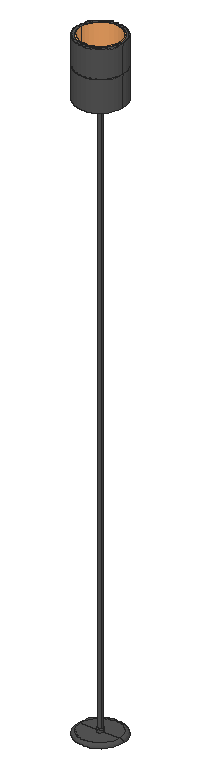
Revit family "MELO CYLINDER PENDANT LIGHT", category Lighting Fixtures, host Face, Revit 2020 (continued)
Types (16): name | Wattage_Input | Wattage Comments | Wattage | Voltage_Input | Size 08 | Size 06 | Size 04 | Selectable Wattage | Photometric Web File | Pendent Rod Length_1 | Pendent | Order number | built-in parameter 1150142 | Model | built-in parameter 1150105 | Lumens | built-in parameter 1150106 | Fixture Diameter | Canopy for Surface Mount J-box | Canopy for Recessed J-Box | Canopy Height | C2 H | C1 H | BEAMING ANGLE
  MELO08R-SP30801-10D-36-GD-BK | 58 W | "58W/44W/29W" | 40.3926 W | 0 V | yes | no | no | 58 W | "MELO08R_SP30801_10D_36.IES" | 4' - 0" | yes | "17301" | "IESNA:LM-63-2002\r\n[TEST] \r\n[TESTLAB] EVERFINE\r\n[TESTDATE] 2023-03-20\r\n[ISSUEDATE] 2023-03-21 13:51:36\r\n[NEARFIELD] \r\n[LAMPPOSITION] 0,0\r\n[OTHER] EVERFINE GO-2000B_V1 SYSTEM\r\n[MANUFAC] Aboveall lighting\r\n[LUMINAIRE] MELO08R-SP30801-10D-36\r\n[OTHER] \r\n[OTHER] Gamma(deg)    Fz(lm)      Ft(lm)     %Lum    %Lamp\r\n[OTHER]   0- 10      1554.00     1554.00    25.30    25.30\r\n[OTHER]  10- 20      3047.09     4601.09    74.90    74.90\r\n[OTHER]  20- 30      1110.22     5711.32    92.97    92.97\r\n[OTHER]  30- 40       261.94     5973.26    97.24    97.24\r\n[OTHER]  40- 50        76.46     6049.72    98.48    98.48\r\n[OTHER]  50- 60        36.71     6086.43    99.08    99.08\r\n[OTHER]  60- 70        23.74     6110.16    99.47    99.47\r\n[OTHER]  70- 80        12.36     6122.53    99.67    99.67\r\n[OTHER]  80- 90         3.46     6125.98    99.72    99.72\r\n[OTHER]  90-100         0.16     6126.14    99.73    99.73\r\n[OTHER] 100-110         0.18     6126.32    99.73    99.73\r\n[OTHER] 110-120         0.24     6126.55    99.73    99.73\r\n[OTHER] 120-130         0.35     6126.90    99.74    99.74\r\n[OTHER] 130-140         0.74     6127.64    99.75    99.75\r\n[OTHER] 140-150         2.29     6129.93    99.79    99.79\r\n[OTHER] 150-160         5.02     6134.96    99.87    99.87\r\n[OTHER] 160-170         5.52     6140.47    99.96    99.96\r\n[OTHER] 170-180         2.53     6143.00   100.00   100.00\r\n[OTHER] \r\nTILT=NONE\r\n1 -1 1 181 25 1 2 -0.185 -0.185 0.000\r\n1.000 1 62.8\r\n0.0    1.0    2.0    3.0    4.0    5.0    6.0    7.0    8.0    9.0    \r\n 10.0   11.0   12.0   13.0   14.0   15.0   16.0   17.0   18.0   19.0   \r\n 20.0   21.0   22.0   23.0   24.0   25.0   26.0   27.0   28.0   29.0   \r\n 30.0   31.0   32.0   33.0   34.0   35.0   36.0   37.0   38.0   39.0   \r\n 40.0   41.0   42.0   43.0   44.0   45.0   46.0   47.0   48.0   49.0   \r\n 50.0   51.0   52.0   53.0   54.0   55.0   56.0   57.0   58.0   59.0   \r\n 60.0   61.0   62.0   63.0   64.0   65.0   66.0   67.0   68.0   69.0   \r\n 70.0   71.0   72.0   73.0   74.0   75.0   76.0   77.0   78.0   79.0   \r\n 80.0   81.0   82.0   83.0   84.0   85.0   86.0   87.0   88.0   89.0   \r\n 90.0   91.0   92.0   93.0   94.0   95.0   96.0   97.0   98.0   99.0   \r\n 100.0  101.0  102.0  103.0  104.0  105.0  106.0  107.0  108.0  109.0  \r\n 110.0  111.0  112.0  113.0  114.0  115.0  116.0  117.0  118.0  119.0  \r\n 120.0  121.0  122.0  123.0  124.0  125.0  126.0  127.0  128.0  129.0  \r\n 130.0  131.0  132.0  133.0  134.0  135.0  136.0  137.0  138.0  139.0  \r\n 140.0  141.0  142.0  143.0  144.0  145.0  146.0  147.0  148.0  149.0  \r\n 150.0  151.0  152.0  153.0  154.0  155.0  156.0  157.0  158.0  159.0  \r\n 160.0  161.0  162.0  163.0  164.0  165.0  166.0  167.0  168.0  169.0  \r\n 170.0  171.0  172.0  173.0  174.0  175.0  176.0  177.0  178.0  179.0  \r\n 180.0  \r\n0.0    15.0   30.0   45.0   60.0   75.0   90.0   105.0  120.0  135.0  \r\n 150.0  165.0  180.0  195.0  210.0  225.0  240.0  255.0  270.0  285.0  \r\n 300.0  315.0  330.0  345.0  360.0  \r\n17996.17 17856.61 17573.70 17224.49 16856.77 16481.91 16098.47 15723.35 15308.52 14897.89 \r\n 14387.50 13837.04 13157.19 12323.48 11352.08 10248.31 9079.71  7871.71  6639.34  5466.16  \r\n 4387.40  3509.39  2815.58  2274.83  1866.62  1556.46  1332.10  1108.62  941.75   806.47   \r\n 694.38   595.90   511.18   411.64   345.04   288.84   241.01   195.76   164.80   145.65   \r\n 126.65   114.85   105.42   98.15    92.28    87.43    83.41    79.57    73.59    56.49    \r\n 51.30    46.38    43.39    41.22    39.19    37.66    36.37    34.93    33.58    32.03    \r\n 30.13    28.53    26.96    25.42    23.94    22.51    21.13    19.82    18.54    17.30    \r\n 16.12    14.96    13.83    12.75    11.71    10.71    9.73     8.78     7.85     6.95     \r\n 6.12     5.31     4.54     3.79     3.07     2.38     1.71     1.07     0.46     0.17     \r\n 0.15     0.15     0.15     0.15     0.15     0.15     0.15     0.15     0.15     0.15     \r\n 0.15     0.15     0.15     0.15     0.16     0.17     0.17     0.18     0.21     0.23     \r\n 0.22     0.22     0.22     0.22     0.24     0.24     0.25     0.27     0.28     0.29     \r\n 0.30     0.31     0.34     0.38     0.38     0.40     0.43     0.46     0.50     0.56     \r\n 0.61     0.67     0.73     0.81     0.91     1.02     1.17     1.32     1.51     1.73     \r\n 2.00     2.34     2.71     3.16     3.64     4.20     4.79     5.44     6.14     6.88     \r\n 7.70     8.56     9.45     10.33    11.25    12.07    12.88    13.78    14.69    15.57    \r\n 16.43    17.28    18.13    18.95    19.75    20.55    21.33    22.14    22.98    23.77    \r\n 24.62    25.45    26.26    27.04    27.77    28.45    29.03    29.45    29.75    29.89    \r\n 29.87    \r\n17961.43 17865.13 17649.34 17317.80 16969.65 16604.69 16250.32 15874.35 15496.71 15074.22 \r\n 14642.24 14140.78 13541.18 12788.72 11865.49 10819.75 9684.76  8451.11  7214.44  6004.25  \r\n 4885.08  3914.95  3229.11  2545.00  2068.51  1711.33  1429.28  1206.91  1030.03  877.35   \r\n 753.78   645.14   553.21   461.94   375.66   318.85   267.48   216.23   178.95   153.18   \r\n 134.60   120.60   109.58   101.23   94.88    89.80    85.63    81.64    77.30    63.42    \r\n 53.65    48.65    44.65    42.21    40.12    38.33    36.86    35.50    34.07    32.79    \r\n 30.87    29.26    27.64    26.09    24.58    23.13    21.72    20.37    19.07    17.80    \r\n 16.59    15.41    14.27    13.16    12.12    11.08    10.11    9.16     8.25     7.37     \r\n 6.50     5.69     4.89     4.14     3.41     2.70     2.02     1.37     0.74     0.16     \r\n 0.13     0.13     0.13     0.13     0.14     0.14     0.14     0.14     0.14     0.15     \r\n 0.15     0.16     0.17     0.17     0.18     0.18     0.19     0.19     0.21     0.20     \r\n 0.21     0.21     0.22     0.23     0.25     0.26     0.26     0.28     0.28     0.30     \r\n 0.31     0.33     0.34     0.36     0.38     0.41     0.43     0.47     0.51     0.55     \r\n 0.60     0.65     0.72     0.79     0.87     0.98     1.09     1.23     1.41     1.61     \r\n 1.84     2.14     2.49     2.89     3.33     3.85     4.41     5.02     5.69     6.40     \r\n 7.15     7.94     8.79     9.65     10.63    11.80    12.51    13.49    14.27    15.06    \r\n 15.92    16.79    17.64    18.47    19.28    20.08    20.86    21.66    22.47    23.29    \r\n 24.17    25.01    25.85    26.66    27.45    28.17    28.80    29.32    29.70    29.91    \r\n 29.87    \r\n17911.85 17840.71 17664.52 17344.59 16998.75 16658.28 16311.32 15958.18 15583.43 15187.33 \r\n 14775.05 14310.55 13746.05 13025.22 12153.98 11138.04 10014.33 8803.14  7556.68  6336.49  \r\n 5178.93  4164.57  3363.75  2714.92  2211.74  1827.87  1523.16  1306.56  1090.86  925.57   \r\n 790.99   676.36   577.50   491.35   397.40   336.16   282.31   236.49   194.60   165.28   \r\n 145.82   126.48   114.02   104.64   97.60    92.16    87.59    83.51    79.37    70.27    \r\n 55.59    50.21    45.71    42.85    40.62    38.62    37.00    35.66    34.27    32.91    \r\n 31.36    29.64    28.05    26.49    24.98    23.50    22.10    20.74    19.43    18.16    \r\n 16.94    15.76    14.60    13.49    12.42    11.39    10.40    9.42     8.49     7.57     \r\n 6.70     5.88     5.10     4.33     3.60     2.89     2.21     1.57     0.94     0.32     \r\n 0.15     0.15     0.15     0.15     0.15     0.15     0.15     0.15     0.15     0.15     \r\n 0.15     0.15     0.15     0.15     0.15     0.15     0.16     0.17     0.18     0.18     \r\n 0.20     0.21     0.22     0.22     0.22     0.22     0.23     0.24     0.25     0.28     \r\n 0.29     0.29     0.30     0.36     0.38     0.38     0.39     0.44     0.46     0.50     \r\n 0.55     0.59     0.66     0.73     0.81     0.90     1.03     1.16     1.32     1.50     \r\n 1.72     2.00     2.33     2.71     3.15     3.65     4.19     4.80     5.45     6.15     \r\n 6.89     7.66     8.49     9.33     10.21    11.10    12.01    12.91    13.83    14.74    \r\n 15.64    16.52    17.37    18.20    18.99    19.77    20.52    21.27    22.09    22.90    \r\n 23.74    24.60    25.47    26.30    27.14    27.90    28.56    29.12    29.53    29.80    \r\n 29.87    \r\n17861.09 17839.46 17726.31 17470.07 17136.26 16797.75 16459.24 16120.62 15770.61 15402.95 \r\n 15005.62 14603.21 14097.18 13458.79 12682.60 11737.74 10691.91 9500.80  8292.47  7052.83  \r\n 5884.58  4771.19  3874.17  3207.22  2542.05  2082.16  1723.82  1440.51  1213.41  1036.66  \r\n 881.00   756.58   646.27   556.50   460.10   378.54   322.49   271.03   219.72   183.43   \r\n 157.49   137.88   122.54   111.12   102.45   95.87    90.60    86.25    82.08    77.26    \r\n 60.52    53.16    48.02    44.09    41.69    39.41    37.70    36.18    34.78    33.31    \r\n 32.02    30.44    28.84    27.28    25.72    24.25    22.80    21.40    20.08    18.77    \r\n 17.52    16.31    15.15    13.99    12.93    11.85    10.87    9.91     8.96     8.06     \r\n 7.16     6.34     5.52     4.76     4.00     3.28     2.59     1.91     1.28     0.65     \r\n 0.13     0.12     0.12     0.12     0.13     0.13     0.13     0.14     0.14     0.14     \r\n 0.15     0.15     0.16     0.16     0.17     0.17     0.18     0.19     0.19     0.20     \r\n 0.20     0.21     0.21     0.22     0.23     0.25     0.25     0.26     0.27     0.28     \r\n 0.29     0.31     0.32     0.34     0.36     0.38     0.41     0.43     0.47     0.50     \r\n 0.55     0.59     0.64     0.71     0.78     0.86     0.96     1.08     1.22     1.38     \r\n 1.58     1.81     2.10     2.44     2.83     3.29     3.79     4.35     4.98     5.65     \r\n 6.36     7.08     7.90     8.72     9.61     10.51    11.38    12.30    13.21    14.12    \r\n 15.02    15.90    16.75    17.60    18.42    19.22    20.01    20.82    21.62    22.44    \r\n 23.28    24.15    25.02    25.90    26.78    27.59    28.32    28.97    29.48    29.84    \r\n 29.87    \r\n17815.32 17810.61 17706.89 17462.79 17127.11 16794.68 16454.85 16134.58 15793.49 15469.47 \r\n 15092.70 14711.56 14227.70 13622.17 12876.93 11964.12 10942.06 9769.61  8554.05  7332.36  \r\n 6136.36  5035.33  4080.25  3291.86  2667.58  2175.95  1798.33  1506.22  1297.75  1090.34  \r\n 929.95   802.61   688.28   594.31   495.64   407.66   345.73   285.35   232.12   192.45   \r\n 164.18   144.99   125.90   113.66   104.56   97.69    92.29    87.78    83.59    78.83    \r\n 62.99    54.01    48.90    44.64    42.09    39.81    37.94    36.42    34.99    33.48    \r\n 32.21    30.60    29.01    27.45    25.90    24.40    22.96    21.57    20.25    18.96    \r\n 17.72    16.50    15.34    14.21    13.11    12.05    11.05    10.05    9.09     8.17     \r\n 7.27     6.44     5.64     4.85     4.11     3.39     2.71     2.02     1.38     0.77     \r\n 0.22     0.15     0.14     0.14     0.14     0.14     0.14     0.14     0.14     0.14     \r\n 0.15     0.15     0.15     0.15     0.15     0.15     0.15     0.15     0.16     0.17     \r\n 0.20     0.23     0.24     0.24     0.24     0.24     0.24     0.24     0.24     0.25     \r\n 0.29     0.29     0.29     0.31     0.37     0.39     0.39     0.40     0.44     0.46     \r\n 0.53     0.55     0.60     0.68     0.74     0.83     0.90     1.02     1.16     1.32     \r\n 1.50     1.72     2.00     2.35     2.74     3.18     3.67     4.22     4.83     5.49     \r\n 6.20     6.93     7.72     8.53     9.39     10.27    11.17    12.06    12.97    13.88    \r\n 14.79    15.70    16.56    17.42    18.25    19.07    19.89    20.71    21.54    22.34    \r\n 23.18    24.02    24.89    25.73    26.57    27.37    28.12    28.75    29.26    29.63    \r\n 29.87    \r\n17770.04 17800.96 17731.75 17554.64 17242.98 16912.82 16562.72 16239.98 15929.41 15626.08 \r\n 15274.79 14924.83 14507.55 13970.14 13293.66 12465.63 11505.91 10382.16 9196.52  7972.09  \r\n 6766.20  5591.45  4547.21  3646.39  3024.14  2403.67  1982.94  1657.68  1396.18  1190.50  \r\n 1018.26  878.07   757.32   652.75   559.23   454.38   386.47   314.49   262.19   210.07   \r\n 176.35   152.54   133.70   119.55   108.81   100.89   94.81    89.85    85.38    80.91    \r\n 72.60    56.61    51.22    46.29    43.21    40.89    38.86    37.23    35.83    34.35    \r\n 32.92    31.42    29.61    28.03    26.46    24.96    23.49    22.08    20.72    19.41    \r\n 18.15    16.92    15.75    14.58    13.50    12.41    11.38    10.39    9.46     8.54     \r\n 7.64     6.79     5.98     5.20     4.43     3.70     3.00     2.30     1.66     1.03     \r\n 0.43     0.12     0.12     0.12     0.12     0.12     0.13     0.13     0.14     0.14     \r\n 0.14     0.15     0.15     0.16     0.16     0.17     0.17     0.18     0.19     0.19     \r\n 0.20     0.20     0.21     0.22     0.22     0.24     0.25     0.25     0.26     0.27     \r\n 0.29     0.30     0.32     0.33     0.35     0.36     0.39     0.42     0.44     0.48     \r\n 0.51     0.56     0.60     0.65     0.72     0.79     0.87     0.98     1.09     1.23     \r\n 1.40     1.62     1.86     2.16     2.51     2.92     3.38     3.89     4.46     5.09     \r\n 5.76     6.47     7.24     8.03     8.88     9.73     10.61    11.51    12.43    13.34    \r\n 14.26    15.15    16.05    16.92    17.78    18.61    19.44    20.28    21.08    21.92    \r\n 22.76    23.59    24.44    25.23    26.04    26.85    27.62    28.32    28.89    29.32    \r\n 29.87    \r\n18398.99 18375.09 18249.33 17989.54 17651.39 17303.89 16958.04 16630.97 16309.60 16000.97 \r\n 15647.75 15292.96 14835.01 14210.51 13410.94 12469.04 11380.69 10191.50 8952.85  7691.67  \r\n 6456.41  5291.75  4238.59  3514.70  2793.33  2292.31  1914.46  1604.00  1357.19  1158.79  \r\n 991.95   854.29   731.90   631.42   521.90   433.85   365.47   302.77   240.33   199.87   \r\n 169.67   147.47   129.87   116.83   107.13   99.89    94.15    89.27    84.95    79.81    \r\n 62.21    54.79    49.60    45.43    42.93    40.78    39.02    37.56    36.13    34.52    \r\n 33.05    31.00    29.38    27.78    26.19    24.67    23.19    21.78    20.43    19.11    \r\n 17.84    16.59    15.41    14.27    13.15    12.07    11.05    10.07    9.13     8.21     \r\n 7.34     6.48     5.67     4.87     4.11     3.38     2.67     1.99     1.35     0.72     \r\n 0.14     0.11     0.12     0.12     0.12     0.13     0.13     0.13     0.13     0.14     \r\n 0.14     0.15     0.15     0.16     0.16     0.17     0.17     0.18     0.18     0.19     \r\n 0.20     0.20     0.21     0.21     0.22     0.24     0.25     0.26     0.27     0.28     \r\n 0.29     0.30     0.32     0.33     0.35     0.37     0.39     0.43     0.45     0.50     \r\n 0.53     0.57     0.64     0.69     0.76     0.85     0.94     1.05     1.18     1.34     \r\n 1.54     1.76     2.04     2.38     2.78     3.25     3.78     4.38     5.04     5.78     \r\n 6.55     7.36     8.24     9.16     10.09    11.05    11.99    12.96    13.93    14.87    \r\n 15.79    16.70    17.62    18.49    19.34    20.13    20.89    21.66    22.43    23.21    \r\n 23.96    24.71    25.46    26.18    26.87    27.58    28.24    28.81    29.23    29.49    \r\n 29.87    \r\n18326.41 18320.14 18206.74 17982.40 17654.15 17297.86 16935.23 16579.11 16256.88 15954.70 \r\n 15629.20 15291.27 14869.54 14306.03 13572.97 12674.84 11619.28 10451.25 9231.87  7992.74  \r\n 6769.41  5580.53  4492.54  3602.41  2915.21  2386.76  1984.70  1663.08  1407.36  1219.98  \r\n 1033.25  889.68   767.23   662.27   554.29   457.07   387.79   313.35   255.09   210.92   \r\n 178.15   153.82   133.42   119.00   108.20   100.32   94.36    89.46    85.20    80.46    \r\n 65.73    55.09    49.80    45.52    42.99    40.87    39.06    37.75    36.34    34.76    \r\n 33.28    31.21    29.53    27.93    26.34    24.83    23.35    21.94    20.60    19.28    \r\n 18.00    16.79    15.60    14.47    13.32    12.27    11.24    10.26    9.28     8.35     \r\n 7.45     6.59     5.80     4.98     4.23     3.49     2.79     2.11     1.44     0.85     \r\n 0.27     0.15     0.14     0.14     0.14     0.14     0.14     0.14     0.14     0.14    
